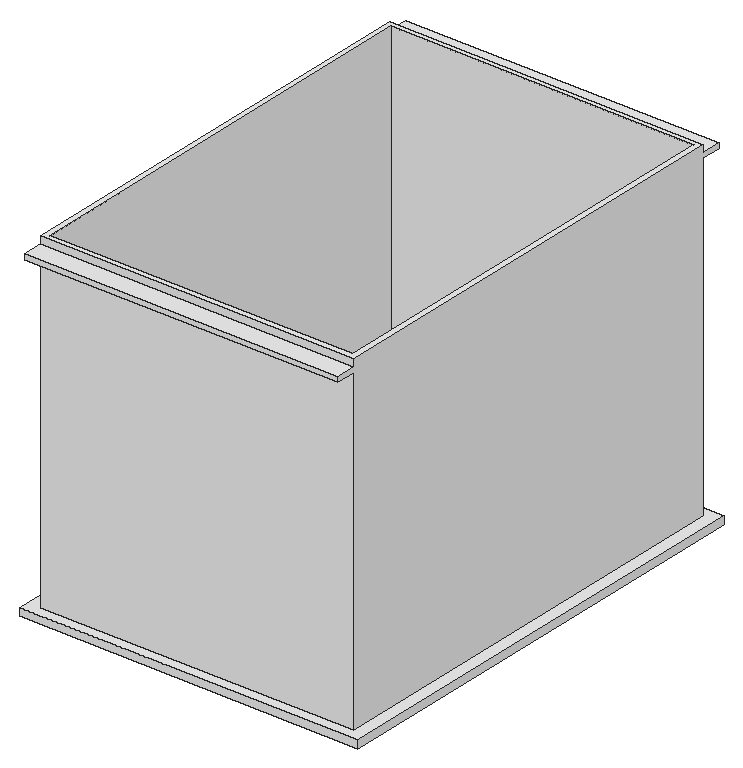
Revit family "Ceiling-Fan_VCDK 090-170C_Carnes", category Mechanical Equipment, host Ceiling, Revit 2012
Parameters
  ecoScorecard_data = ""
  ecoScorecard Product Page = "http://ecoscorecard.com/"
  Warranty URL = "http://www.carnes.com/GeneralCatalogs/termcond.pdf"
  Housing = Aluminum-Carnes-Spun-Brushed
  URL = "http://www.carnes.com/index.html"
  Specifications URL = ""
  Product Page URL = "http://www.carnes.com/ventilation/vcdd-vcdk.htm"
  Parts List URL = "http://www.carnes.com/ventilation/pdf/22005.pdf"
  Model = "VCDK 090-070C"  # constant formula
  Material = ""
  Manufacturer Toll Free Phone = ""
  Manufacturer Phone = "608-845-6411"  # constant formula
  Manufacturer Fax = "608-845-6470"  # constant formula
  Manufacturer Email = "mailto:carnes@carnes.com"
  Manufacturer Address = "448 S. Main St., P. O. Box 930040, Verona, WI 53593-0040"  # constant formula
  Manufacturer = "CARNES COMPANY"  # constant formula
  IOM Instructions URL = "http://www.carnes.com/ventilation/pdf/11218.pdf"
  Grill Size = "23 x 17"
  Grill Depth = 0' - 0 3/8"
  Duct Connector = "9-3/8 x 12-3/4"
  Description = "Ceiling Ventilators"  # constant formula
  Cost Info = "mailto:carnes@carnes.com"
  Catalog URL = "http://www.carnes.com/ventilation/pdf/C269-C295.pdf"
  Box Size = "22 x 15-3/4"
  Box Depth = 1' - 4 3/4"
  Assembly Code = "D3040200"
  95 CSI = "15850"  # constant formula
  04 CSI = "23 37 13"  # constant formula
Reference planes (in)
  plane 1 "Center (Front/Back)": y = 0
  plane 2 "Ceiling": z = 96
  plane 3 "Center (Left/Right)": x = 0
  plane 4: z = 95.625
  plane 5: z = 112.75
  plane 6: x = -7.875
  plane 7: y = 11.5
  plane 8: y = -11.5
  plane 9: x = 7.875
  plane 10: y = 11
  plane 11: x = -8.5
  plane 12: y = -11
  plane 13: x = 8.5
  plane 14: x = 7.61898
  plane 15: x = -9.88102
  plane 16: y = -6.125
Forms (in)
  Sweep 1, solid, material "Aluminum-Carnes-Spun-Brushed" <- "Housing", detail levels fine
    path origin (-0.00602, 0, 95.625) x (0, -1, 0) y (1, 0, 0)
      loop
        line (-11, 7.875) -> (-11, -7.875) -> (11, -7.875) -> (11, 7.875) -> (-11, 7.875)
    profile origin (7.86898, 0, 95.625) x (1, 0, 0) y (0, 0, 1)
      loop
        line (-0.25, 0.375) -> (0, 0.375) -> (0, 17.125) -> (-0.25, 17.125) -> (-0.25, 0.375)
  Extrusion 2, solid, material "Aluminum-Carnes-Spun-Brushed" <- "Housing", detail levels fine
    sketch origin (-0.00602, 0, 95.625) x (0, 1, 0) y (0, 0, 1)
      loop
        line (-11, 16.75) -> (-12, 16.75) -> (-12, 16.5) -> (-11, 16.5) -> (-11, 16.75)
      loop
        line (12, 16.75) -> (11, 16.75) -> (11, 16.5) -> (12, 16.5) -> (12, 16.75)
    from -7.875 to 7.875
  Sweep 3, solid, material "Aluminum-Carnes-Spun-Brushed" <- "Housing", detail levels fine
    path origin (-0.00602, 0, 95.625) x (0, 1, 0) y (0, 0, 1)
      loop
        line (-6.375, 1.5) -> (6.375, 1.5) -> (6.375, 10.875) -> (-6.375, 10.875) -> (-6.375, 1.5)
    profile origin (-0.00602, -6.375, 101.8125) x (0, -1, 0) y (1, 0, 0)
      loop
        line (0, -7.875) -> (-0.25, -7.875) -> (-0.25, -9.875) -> (0, -9.875) -> (0, -7.875)
Cuts and joins
  joined: Sweep 1, Extrusion 2, Sweep 3
Lines and regions (in)
  Opening 1
    outline origin (-60, 60, 97) x (-1, 0, 0) y (0, -1, 0)
      loop
        line (-51.5, 48.5) -> (-51.5, 71.5) -> (-68.5, 71.5) -> (-68.5, 48.5) -> (-51.5, 48.5)
  model lines, detail levels coarse+medium
    curve 1: line (7.86898, 12, 96) -> (-7.88102, 12, 96)
    curve 2: line (-8.50602, 11.5, 96) -> (-7.88102, 11.5, 96)
    curve 3: line (-7.88102, 12, 96) -> (-7.88102, 11.5, 96)
    curve 4: line (-8.50602, -11.5, 96) -> (-8.50602, -6.375, 96)
    curve 5: line (-9.88102, 6.375, 96) -> (-9.88102, -6.375, 96)
    curve 6: line (-8.50602, 6.375, 96) -> (-9.88102, 6.375, 96)
    curve 7: line (-9.88102, -6.375, 96) -> (-8.50602, -6.375, 96)
    curve 8: line (-7.88102, -12, 96) -> (7.86898, -12, 96)
    curve 10: line (7.86898, -12, 96) -> (7.86898, -11.5, 96)
    curve 11: line (8.49398, -11.5, 96) -> (7.86898, -11.5, 96)
    curve 12: line (8.49398, 11.5, 96) -> (8.49398, -11.5, 96)
    curve 13: line (7.86898, 11.5, 96) -> (8.49398, 11.5, 96)
    curve 14: line (7.86898, 11.5, 96) -> (7.86898, 12, 96)
    curve 15: line (-7.88102, -11.5, 96) -> (-8.50602, -11.5, 96)
    curve 16: line (-7.88102, -11.5, 96) -> (-7.88102, -12, 96)
    curve 17: line (-8.50602, 6.375, 96) -> (-8.50602, 11.5, 96)
  model lines
    curve 9: line (8.49398, -11.5, 96) -> (-8.50602, -11.5, 96)
Dimensions and locks (in)
  equal spacing: host sketch curve, plane 3 "Center (Left/Right)", host sketch curve
  equal spacing: host sketch curve, plane 1 "Center (Front/Back)", host sketch curve
  host sketch curve to host sketch curve = 10' - 0"  (x2)
  "Grill Depth": plane 2 "Ceiling" to plane 4
  "Box Depth": plane 5 to plane 2 "Ceiling"
  equal spacing: plane 7, plane 1 "Center (Front/Back)", plane 8
  plane 7 to plane 8 = 1' - 11"
  equal spacing: plane 6, plane 3 "Center (Left/Right)", plane 9
  plane 6 to plane 9 = 1' - 3 3/4"
  equal spacing: plane 11, plane 3 "Center (Left/Right)", plane 13
  plane 11 to plane 13 = 1' - 5"
  equal spacing: plane 12, plane 1 "Center (Front/Back)", plane 10
  plane 10 to plane 12 = 1' - 10"
  aligned and locked: Sweep 1 sketch curve to plane 14
  aligned and locked: Sweep 3 sketch curve to plane 16
  aligned and locked: plane 15 to Sweep 3 sketch curve
  aligned and locked: Sweep 1 sketch curve to plane 2 "Ceiling"
  aligned and locked: Sweep 1 sketch curve to plane 5
Automatic sketch dimensions
  Sweep 1 sketch curve to plane 10 = 0' - 0"
  plane 12 to Sweep 1 sketch curve = 0' - 0"
  Sweep 1 sketch curve to plane 6 = 0' - 0.00602"
  plane 9 to Sweep 1 sketch curve = 0' - 0.00602"
  profile plane to Sweep 1 sketch curve = 0' - 0"
  Extrusion 2 sketch curve to plane 12 = 0' - 0"
  Extrusion 2 sketch curve to plane 10 = 0' - 0"
  plane 8 to Extrusion 2 sketch curve = 0' - 0 1/2"
  plane 7 to Extrusion 2 sketch curve = 0' - 0 1/2"
  Extrusion 2 sketch curve to plane 5 = 0' - 0 5/8"  (x2)
  Extrusion 2 sketch curve to Extrusion 2 sketch curve = 0' - 0 1/4"  (x2)
  Sweep 3 sketch curve to plane 12 = 0' - 4 5/8"
  Sweep 3 sketch curve to plane 10 = 0' - 4 5/8"
  plane 2 "Ceiling" to Sweep 3 sketch curve = 0' - 1 1/8"
  Sweep 3 sketch curve to plane 5 = 0' - 6 1/4"
  Sweep 3 sketch curve to profile plane = 0' - 0"
  plane 15 to Sweep 3 sketch curve = 0' - 2"
  plane 8 to Opening 1 sketch curve = 0' - 0"
  Opening 1 sketch curve to plane 13 = 0' - 0"
  Opening 1 sketch curve to plane 7 = 0' - 0"
  Opening 1 sketch curve to plane 11 = 0' - 0"
  curve 2 to plane 11 = 0' - 0.00602"
  curve 1 to plane 6 = 0' - 0.00602"
  plane 9 to curve 1 = 0' - 0.00602"
  plane 13 to curve 13 = 0' - 0.00602"
  plane 8 to curve 16 = 0' - 0 1/2"
  plane 7 to curve 3 = 0' - 0 1/2"
  plane 8 to curve 4 = 0' - 0"
  curve 6 to plane 11 = 0' - 1.38102"
  curve 5 to plane 12 = 0' - 4 5/8"
  curve 6 to plane 10 = 0' - 4 5/8"
  plane 9 to curve 11 = 0' - 0.00602"
  curve 13 to plane 7 = 0' - 0"
  curve 3 to plane 7 = 0' - 0"
  curve 8 to plane 6 = 0' - 0.00602"
  curve 4 to plane 11 = 0' - 0.00602"
Nested families (in)
  nested 1: "Grill" at (-0.00602, 0, 95.625), type "Grill", detail levels fine
Definition of nested family "Grill"
  Parameters (values of type "Grill")
    Width = 1' - 5"
    Grill = none
    Depth = 1' - 11"
  Reference planes (in)
    plane 1 "Center (Front/Back)": y = 0
    plane 2: z = 0
    plane 3 "Center (Left/Right)": x = 0
    plane 4: x = -8.5
    plane 5: x = 8.5
    plane 6: y = 11.5
    plane 7: y = -11.5
    plane 8: z = 0.375
    plane 9: z = 0.1875
  Forms (in)
    Sweep 1, solid, material <- "Grill"
      path origin (0.14156, -0.1418, 0) x (0, -1, 0) y (1, 0, 0)
        loop
          line (11.3582, 8.35844) -> (-11.6418, 8.35844) -> (-11.6418, -8.64156) -> (11.3582, -8.64156) -> (11.3582, 8.35844)
      profile origin (0, -11.5, 0) x (0, -1, 0) y (0, 0, 1)
        loop
          line (0, 0) -> (0, 0.375) -> (-1.1875, 0.375) -> (-1.1875, 0) -> (0, 0)
    Extrusion 2, solid, material <- "Grill"
      sketch origin (0, 0, 0) x (0, 1, 0) y (0, 0, 1)
        loop
          circle (9.73958, 0.1875) r 0.16844
        loop
          circle (9.16667, 0.1875) r 0.16844
        loop
          circle (8.59375, 0.1875) r 0.16844
        loop
          circle (8.02083, 0.1875) r 0.16844
        loop
          circle (7.44792, 0.1875) r 0.16844
        loop
          circle (6.875, 0.1875) r 0.16844
        loop
          circle (6.30208, 0.1875) r 0.16844
        loop
          circle (5.72917, 0.1875) r 0.16844
        loop
          circle (5.15625, 0.1875) r 0.16844
        loop
          circle (4.58333, 0.1875) r 0.16844
        loop
          circle (4.01042, 0.1875) r 0.16844
        loop
          circle (3.4375, 0.1875) r 0.16844
        loop
          circle (2.86458, 0.1875) r 0.16844
        loop
          circle (2.29167, 0.1875) r 0.16844
        loop
          circle (1.71875, 0.1875) r 0.16844
        loop
          circle (1.14583, 0.1875) r 0.16844
        loop
          circle (0.57292, 0.1875) r 0.16844
        loop
          circle (-9.73958, 0.1875) r 0.16844
        loop
          circle (-9.16667, 0.1875) r 0.16844
        loop
          circle (-8.59375, 0.1875) r 0.16844
        loop
          circle (-8.02083, 0.1875) r 0.16844
        loop
          circle (-7.44792, 0.1875) r 0.16844
        loop
          circle (-6.875, 0.1875) r 0.16844
        loop
          circle (-6.30208, 0.1875) r 0.16844
        loop
          circle (-5.72917, 0.1875) r 0.16844
        loop
          circle (-5.15625, 0.1875) r 0.16844
        loop
          circle (-4.58333, 0.1875) r 0.16844
        loop
          circle (-4.01042, 0.1875) r 0.16844
        loop
          circle (-3.4375, 0.1875) r 0.16844
        loop
          circle (-2.86458, 0.1875) r 0.16844
        loop
          circle (-2.29167, 0.1875) r 0.16844
        loop
          circle (-1.71875, 0.1875) r 0.16844
        loop
          circle (-1.14583, 0.1875) r 0.16844
        loop
          circle (-0.57292, 0.1875) r 0.16844
        loop
          circle (0, 0.1875) r 0.16844
      from -7.3125 to 7.3125
  Cuts and joins
    joined: Sweep 1, Extrusion 2
  Dimensions and locks (in)
    equal spacing: plane 6, plane 1 "Center (Front/Back)", plane 7
    "Depth": plane 6 to plane 7
    equal spacing: plane 4, plane 3 "Center (Left/Right)", plane 5
    "Width": plane 4 to plane 5
    locked: plane 8 to plane 2 at 0.375
    locked: Sweep 1 sketch curve to plane 7 at 1.1875
    equal spacing: plane 8, plane 9, level
    aligned and locked: plane 2 to level
    aligned and locked: plane 5 to Sweep 1 sketch curve
    aligned and locked: plane 6 to Sweep 1 sketch curve
    aligned and locked: Sweep 1 sketch curve to plane 4
    aligned and locked: Sweep 1 sketch curve to plane 7
    aligned and locked: Sweep 1 sketch curve to plane 8
    aligned and locked: profile plane to Sweep 1 sketch curve  (x2)
    aligned and locked: Extrusion 2 to Sweep 1  (x2)
  Automatic sketch dimensions
    Extrusion 2 sketch curve to plane 9 = 0' - 0"  (x35)
    Extrusion 2 sketch curve to plane 7 = 0' - 1.76042"
    Extrusion 2 sketch curve to Extrusion 2 sketch curve = 0' - 0.57292"  (x32)
    plane 1 "Center (Front/Back)" to Extrusion 2 sketch curve = 0' - 0.57292"
    Extrusion 2 sketch curve to plane 1 "Center (Front/Back)" = 0' - 0"
    radius of Extrusion 2 sketch curve = 0' - 0.16844"  (x35)
